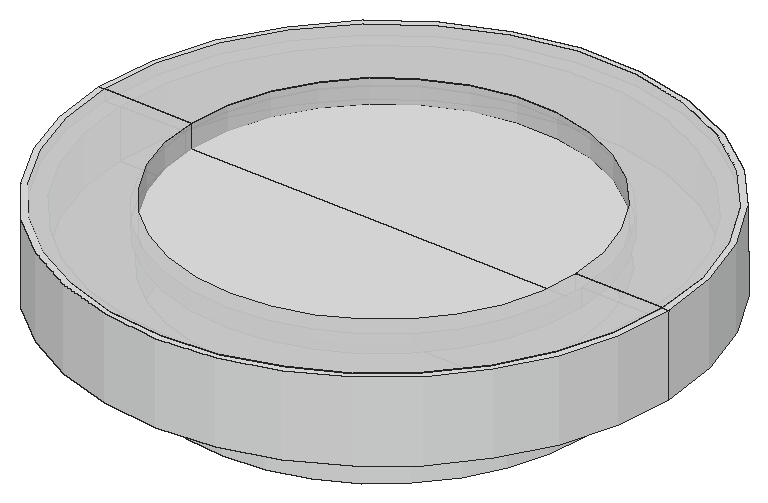
Revit family "0047933 Sylvania Lighting Fixture ST eco Surface Wall Round IP54 830lm 830 WHT", category Lighting Fixtures, host Face, Revit 2016
Family settings
  Host = Face
  Part Type = Normal
  Round Connector Dimension = Use Diameter
  OmniClass Number = 23.80.70.11.17
  OmniClass Title = Specialized Lighting by Location or Use
  Cut with Voids When Loaded = No
  Light Source = Yes
  Shared = No
  Room Calculation Point = No
Parameters (values of type "0047933 ST eco Surface Wall Round IP54 830lm 830 WHT")
  Weight = 0.90 kg
  Wattage = 12 W
  built-in parameter 1150110 = 1 (stored number, unit not read)
  Voltage Comments = "UNV (Universal Voltage; 230-240 Volt)"  # constant formula
  Voltage = 240 V  # constant formula
  URL = "http://www.sylvania-lighting.com/product/en-int/products/0047933"
  built-in parameter 1114217 = 1 (stored number, unit not read)
  Tilt Angle = -90.00°
  built-in parameter 1150109 = 1 (stored number, unit not read)
  built-in parameter 1150134 = (empty or 0)
  Ta Rating = "-20°C to +45°C"  # constant formula
  built-in parameter 1150113 = 1 (stored number, unit not read)
  Radius = 100.0 mm
  Product Page URL = "http://www.sylvania-lighting.com/product/en-int/products/0047933"
  Product Family = "Velite Electronic Wall Light"  # constant formula
  Photometry Comments = ""
  Photometric Web File = "0047933.ies"
  built-in parameter 1150105 = 296.03 (stored number, unit not read)
  Lumens = 830.04 lm
  built-in parameter 1150115 = 1 (stored number, unit not read)
  built-in parameter 1150137 = (empty or 0)
  built-in parameter 1150139 = (empty or 0)
  Life = "25 000h"  # constant formula
  built-in parameter 1150112 = 1 (stored number, unit not read)
  built-in parameter 1150114 = 1 (stored number, unit not read)
  Lamp Comments = "Integrated LED"  # constant formula
  built-in parameter 1150132 = 2
  built-in parameter 1150102 = (empty or 0)
  built-in parameter 1150107 = 3000 (stored number, unit not read)
  built-in parameter 1150138 = (empty or 0)
  built-in parameter 1150106 = 2.9603 (stored number, unit not read)
  IP Rating = "IP54"  # constant formula
  IK Rating = "IK05"  # constant formula
  Energy Class = "A++ A+ A"  # constant formula
  Emit from Circle Diameter = Diameter  # 200.0 mm
  Emit Shape Visible in Rendering = no
  Electrical Protection = "CLASS I"  # constant formula
  built-in parameter 1150104 = 6.4261 (stored number, unit not read)
  Drive Current = "300mA"
  Dimming Lamp Color Temperature Shift = <None>
  Diameter = Radius * 2  # 200.0 mm
  Color Filter = 16777215
  Catalog Number = "0047933 ST eco Surface Wall Round IP54 830lm 830 WHT"
  Body Material = Aluminum_Sylvania_Velite_White_RAL 9016
  built-in parameter 1114218 = 1 (stored number, unit not read)
  built-in parameter 1150133 = 10 (stored number, unit not read)
  Height = 50.0 mm
  built-in parameter 1114216 [instance] = 1 (stored number, unit not read)
  Model = "ST eco Surface Wall Round IP54 830lm 830 WHT"
  Manufacturer = "Feilo Sylvania"  # constant formula
  Lamp = "LED"
  Diffuser Material = Polycarbonate_Sylvania_Velite_Clear
  Description = "A range of sleek and stylish Outdoor LED luminaires.Velite is perfect for lighting courtyards, gardens and exterior entrances.Design  meets IK05 requirements.Available in various shapes, sizes and colours of die cast aluminium luminaires.Range includes bollards and various wall mounted direct and direct/indirect luminaires.High efficient thermal design: ta -20 to +45oC.High performance: delivers up to 830 lm (luminaire lumen output), and up to 71lm/W (total system efficiency).Available in warm white (3,000K).Energy class: A++, A+, A.Lifetime: 30,000 hours life at 70% of the original output L70."  # constant formula
  Default Elevation = 0.0 mm
  built-in parameter 1140040 [instance] = 1
  Assembly Code = "D5020200"
  Apparent Load Comments = ""
  Apparent Load = 12 VA
Reference planes
  plane 1 "Center (Front/Back)": y = 0
  plane 2 "Fixture Top": z = 0
  plane 3 "Center (Left/Right)": x = 0
  plane 4: z = 22
  plane 5 "Fixture Bottom": z = 50
  plane 6: z = 5
  plane 7: z = 7
  plane 8: z = 29.5
  plane 9: z = 46.5
  plane 10: x = -100
  plane 11: x = -70.5
  plane 12: x = -68.5
  plane 13: x = -98
  plane 14: x = -92.5
  plane 15: x = -67.5
  plane 16: z = 40
  plane 17: x = -69.5
  plane 18: z = 42
Forms (mm)
  Revolve 1, solid, material "Aluminum_Sylvania_Velite_White_RAL 9016" <- "Body Material", detail levels fine
    sketch origin (0, 0, 0) x (1, 0, 0) y (0, 0, 1)
      loop
        line (-68.5, 0) -> (-68.5, 5) -> (0, 5) -> (0, 7) -> (-68.5, 7) -> (-68.5, 29.5) -> (-92.5, 29.5) -> (-92.5, 46.5) -> (-98, 46.5) -> (-98, 50) -> (-100, 50) -> (-100, 22) -> (-70.5, 22) -> (-70.5, 0) -> (-68.5, 0)
      axis (0, 50) -> (0, 0)
    angle from 0 to 360
  Revolve 2, solid, material "Polycarbonate_Sylvania_Velite_Clear" <- "Diffuser Material", detail levels fine
    sketch origin (0, 0, 0) x (1, 0, 0) y (0, 0, 1)
      loop
        line (-98, 50) -> (-98, 46.5) -> (-69.5, 46.5) -> (-69.5, 40) -> (-67.5, 40) -> (-67.5, 50) -> (-98, 50)
      axis (0, 50) -> (0, 40)
    angle from 0 to 360
  Revolve 3, solid, material "Aluminum_Sylvania_Velite_White_RAL 9016" <- "Body Material", detail levels fine
    sketch origin (0, 0, 0) x (1, 0, 0) y (0, 0, 1)
      loop
        line (-67.5, 42) -> (-67.5, 40) -> (0, 40) -> (0, 42) -> (-67.5, 42)
      axis (0, 42) -> (0, 40)
    angle from 0 to 360
  Revolve 4, solid, material "Aluminum_Sylvania_Velite_White_RAL 9016" <- "Body Material", detail levels coarse+medium
    sketch origin (0, 0, 0) x (1, 0, 0) y (0, 0, 1)
      loop
        line (-67.5, 50) -> (-100, 50) -> (-100, 22) -> (-70.5, 22) -> (-70.5, 0) -> (0, 0) -> (0, 42) -> (-67.5, 42) -> (-67.5, 50)
      axis (0, 50) -> (0, 0)
    angle from 0 to 360
Dimensions and locks
  "Height": plane 5 "Fixture Bottom" to plane 2 "Fixture Top"
  "Radius": plane 3 "Center (Left/Right)" to plane 10
  plane 15 to plane 12 to plane 17 to plane 11 to plane 14 to plane 13 to plane 10 = 1.0 mm locked, 1.0 mm locked, 1.0 mm locked, 22.0 mm locked, 5.5 mm locked, 2.0 mm locked
  plane 7 to plane 6 to plane 2 "Fixture Top" = 2.0 mm locked, 5.0 mm locked
  plane 5 "Fixture Bottom" to plane 9 to plane 18 to plane 16 to plane 8 to plane 4 = 3.5 mm locked, 4.5 mm locked, 2.0 mm locked, 10.5 mm locked, 7.5 mm locked
  aligned and locked: host face to plane 2 "Fixture Top"
  aligned and locked: level to host face
  aligned and locked: imposter light to plane 1 "Center (Front/Back)"
  aligned and locked: imposter light to plane 3 "Center (Left/Right)"
  aligned and locked: Revolve 1 sketch curve to plane 5 "Fixture Bottom"
  aligned and locked: plane 10 to Revolve 1 sketch curve
  aligned and locked: Revolve 1 sketch curve to plane 13
  aligned and locked: Revolve 1 sketch curve to plane 14
  aligned and locked: Revolve 1 sketch curve to plane 9
  aligned and locked: Revolve 1 sketch curve to plane 8
  aligned and locked: plane 4 to Revolve 1 sketch curve
  aligned and locked: plane 11 to Revolve 1 sketch curve
  aligned and locked: Revolve 1 sketch curve to plane 12  (x2)
  aligned and locked: Revolve 1 sketch curve to plane 7
  aligned and locked: plane 6 to Revolve 1 sketch curve
  aligned and locked: plane 2 "Fixture Top" to Revolve 1 sketch curve
  aligned and locked: imposter light to Revolve 1 sketch curve
  aligned and locked: Revolve 2 sketch curve to plane 15
  aligned and locked: plane 13 to Revolve 2 sketch curve
  aligned and locked: Revolve 2 sketch curve to plane 5 "Fixture Bottom"
  aligned and locked: plane 9 to Revolve 2 sketch curve
  aligned and locked: Revolve 2 sketch curve to plane 16
  aligned and locked: Revolve 2 sketch curve to plane 17
  aligned and locked: imposter light to Revolve 2 sketch curve
  aligned and locked: Revolve 3 sketch curve to plane 3 "Center (Left/Right)"  (x2)
  aligned and locked: plane 15 to Revolve 3 sketch curve
  aligned and locked: plane 16 to Revolve 3 sketch curve
  aligned and locked: Revolve 3 sketch curve to plane 18
  aligned and locked: imposter light to plane 5 "Fixture Bottom"
  aligned and locked: Revolve 4 sketch curve to plane 11
  aligned and locked: Revolve 4 sketch curve to plane 4
  aligned and locked: Revolve 4 sketch curve to plane 10
  aligned and locked: plane 5 "Fixture Bottom" to Revolve 4 sketch curve
  aligned and locked: Revolve 4 sketch curve to plane 15
  aligned and locked: Revolve 4 sketch curve to plane 18
  aligned and locked: Revolve 4 sketch curve to plane 2 "Fixture Top"
  aligned and locked: Revolve 4 sketch curve to plane 3 "Center (Left/Right)"  (x2)
Automatic sketch dimensions
  host sketch curve to host sketch curve = 447.379 mm
  host sketch curve to host sketch curve = 434.165 mm
  Revolve 1 sketch curve to plane 3 "Center (Left/Right)" = 0.0 mm
  Revolve 1 sketch curve to level = 30.295 mm
  plane 5 "Fixture Bottom" to Revolve 1 sketch curve = 21.633 mm
  Revolve 2 sketch curve to level = 16.662 mm
  plane 5 "Fixture Bottom" to Revolve 2 sketch curve = 26.574 mm
  plane 7 to Revolve 3 sketch curve = 4.59 mm
  plane 5 "Fixture Bottom" to Revolve 3 sketch curve = 26.59 mm
  Revolve 4 sketch curve to level = 50.413 mm
  plane 5 "Fixture Bottom" to Revolve 4 sketch curve = 39.587 mm
Connectors
  electrical at (0, 0, 0), driven by "Voltage", driven by "Apparent Load"
    settings: on Revolve 4, index 1, voltage 240 V, apparent load 0 VA, apparent load phase1 12 VA, apparent load phase2 0 VA, apparent load phase3 0 VA, power factor 1, load classification "Lighting", number of poles 1, system type 31, power factor state 1, is connector primary yes, connector utility no, sub classification motor no, connector description ""
